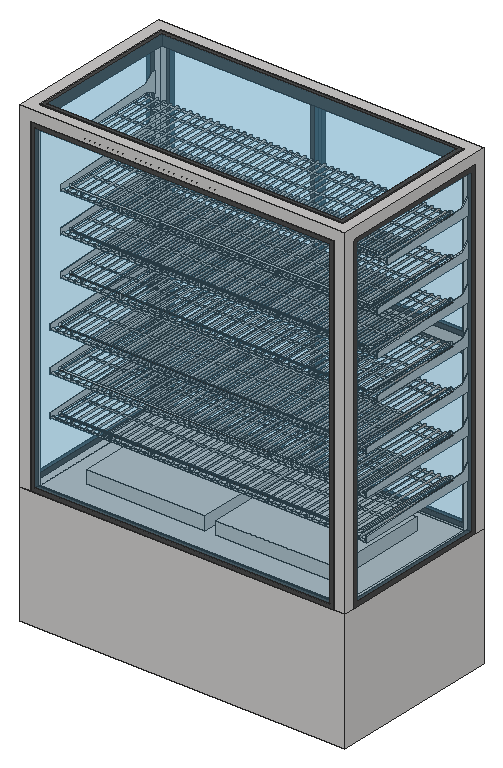
Revit family "QF_FESTIVE_TH12", category Specialty Equipment, Revit 2020
Family settings
  Round Connector Dimension = Use Diameter
  Part Type = Normal
  Work Plane-Based = No
  Always vertical = Yes
  Cut with Voids When Loaded = No
  Shared = No
  Room Calculation Point = No
Parameters (values of type "TH12_220-240/50/1")
  Weight in Kilograms = 225
  Watts = if(Phase = 3, Volts * FL Amps * 1.73, Volts * FL Amps)  # 4136 W
  Volts = 220 V
  URL Cutsheet = ""
  Specification by User = ""
  Specification by Manufacturer = ""
  Shelf Length [instance] = Length - 30 mm  # 1170 mm
  Serial Number = ""
  Seismic Rating = ""
  SMACNA No = ""
  Revision Code = ""
  Phase = 1
  Number of Poles = 1
  NAFEM Spec ID Number = ""
  Model = "TH12"
  Min Ckt Ampacity = 0 A
  Max Overcurrent Protection = 0 A
  Masterspec = ""
  Manufacturer = "FESTIVE"
  Length = 1200 mm
  Item Number = ""
  Installed By = ""
  Identify Quantity as Lot = yes
  Height = 1730 mm
  HP = ""
  Furnished By = ""
  Foodservice Equipment Identifier = yes
  FL Amps = 18.8 A
  Electrical Remarks = ""
  Electric Connection Type = ""
  Elec Conn RI Height = 0 mm
  Elec Conn Connection Height = 0 mm
  Description = "TOWER: HEATED"
  Depth = 640 mm
  Default Elevation = 0 mm
  Cycle = 50 Hz
  Conn Plug = "10A Plug"
  Conn Conduit = yes
  CSI MasterFormat = ""
  Base Cover 2 [instance] = Length = 1200 mm  # yes
  Base Cover 1 [instance] = Length < 901 mm  # no
  Apparent Power = if(Phase = 3, Volts * FL Amps * 1.73, Volts * FL Amps)  # 4136 VA
Reference planes
  plane 1 "BACK": y = 0
  plane 2: z = 0
  plane 3 "LEFT": x = 0
  plane 4 "RIGHT": x = 1200
  plane 5 "FRONT": y = -640
  plane 6 "TOP": z = 1730
  plane 7 "Center Y": x = 600
  plane 8 "Center X": y = -320
  plane 9: z = 470
  plane 10: z = 25.4
  plane 11: x = 40
  plane 12: x = 1160
  plane 13: x = 15
  plane 14: x = 1185
  plane 15: x = 1107.5
  plane 16: x = 92.5
  plane 17: y = 15
Forms (mm)
  Extrusion 1, solid, material "QF_Metal - Stainless - Brushed"
    sketch origin (-6096, 34.743, 25.4) x (0, 1, 0) y (-1, 0, 0)
      loop
        line (-34.743, -6096) -> (-674.743, -6096) -> (-674.743, -7296) -> (-34.743, -7296) -> (-34.743, -7256) -> (-634.743, -7256) -> (-634.743, -6136) -> (-34.743, -6136) -> (-34.743, -6096)
    from 0 to 444.6
  Extrusion 2, solid, material "QF_Plastic - Black - Smooth"
    sketch origin (0, 0, 0) x (0, 1, 0) y (0, 0, 1)
      loop
        line (-40, 1690) -> (-600, 1690) -> (-600, 470) -> (-40, 470) -> (-40, 1690)
      loop
        line (-55, 1675) -> (-585, 1675) -> (-585, 485) -> (-55, 485) -> (-55, 1675)
    from 0 to 15
  Extrusion 3, solid, material "QF_Metal - Stainless - Brushed"
    sketch origin (-6096, 152.961, 470) x (0, 1, 0) y (-1, 0, 0)
      loop
        line (-792.961, -6096) -> (-792.961, -6136) -> (-752.961, -6136) -> (-752.961, -6096) -> (-792.961, -6096)
      loop
        line (-792.961, -7296) -> (-752.961, -7296) -> (-752.961, -7256) -> (-792.961, -7256) -> (-792.961, -7296)
      loop
        line (-152.961, -7296) -> (-152.961, -7256) -> (-192.961, -7256) -> (-192.961, -7296) -> (-152.961, -7296)
      loop
        line (-152.961, -6096) -> (-192.961, -6096) -> (-192.961, -6136) -> (-152.961, -6136) -> (-152.961, -6096)
    from 0 to 1260
  Extrusion 4, solid, material "QF_Metal - Stainless - Brushed"
    sketch origin (-975.299, -4572, 1730) x (-1, 0, 0) y (0, -1, 0)
      loop
        line (-1015.299, -3972) -> (-2135.299, -3972) -> (-2135.299, -4532) -> (-1015.299, -4532) -> (-1015.299, -3972)
      loop
        line (-975.299, -4572) -> (-975.299, -3932) -> (-2175.299, -3932) -> (-2175.299, -4572) -> (-975.299, -4572)
    from 0 to -40
  Extrusion 5, solid, material "Glass"
    sketch origin (0, 0, 0) x (0, 1, 0) y (0, 0, 1)
      loop
        line (-55, 1675) -> (-585, 1675) -> (-585, 485) -> (-55, 485) -> (-55, 1675)
    from 0 to 15
  Extrusion 6, solid, material "QF_Plastic - Black - Smooth"
    sketch origin (1200, 0, 0) x (0, -1, 0) y (0, 0, 1)
      loop
        line (40, 1690) -> (40, 470) -> (600, 470) -> (600, 1690) -> (40, 1690)
      loop
        line (55, 1675) -> (55, 485) -> (585, 485) -> (585, 1675) -> (55, 1675)
    from 0 to 15
  Extrusion 7, solid, material "QF_Plastic - Black - Smooth"
    sketch origin (0, -640, 0) x (1, 0, 0) y (0, 0, 1)
      loop
        line (40, 1690) -> (40, 470) -> (1160, 470) -> (1160, 1690) -> (40, 1690)
      loop
        line (1145, 1675) -> (55, 1675) -> (55, 485) -> (1145, 485) -> (1145, 1675)
    from 0 to -15
  Extrusion 8, solid, material "QF_Plastic - Black - Smooth"
    sketch origin (-975.299, -4572, 1730) x (-1, 0, 0) y (0, -1, 0)
      loop
        line (-1015.299, -4532) -> (-1015.299, -3972) -> (-2135.299, -3972) -> (-2135.299, -4532) -> (-1015.299, -4532)
      loop
        line (-2120.299, -4517) -> (-1030.299, -4517) -> (-1030.299, -3987) -> (-2120.299, -3987) -> (-2120.299, -4517)
    from 0 to -40
  Extrusion 9, solid, material "Glass"
    sketch origin (-975.299, -4572, 1730) x (-1, 0, 0) y (0, -1, 0)
      loop
        line (-2120.299, -4517) -> (-1030.299, -4517) -> (-1030.299, -3987) -> (-2120.299, -3987) -> (-2120.299, -4517)
    from 0 to -40
  Extrusion 10, solid, material "Glass"
    sketch origin (1200, 0, 0) x (0, -1, 0) y (0, 0, 1)
      loop
        line (55, 1675) -> (55, 485) -> (585, 485) -> (585, 1675) -> (55, 1675)
    from 0 to 15
  Extrusion 11, solid, material "Glass"
    sketch origin (0, -640, 0) x (1, 0, 0) y (0, 0, 1)
      loop
        line (1145, 1675) -> (55, 1675) -> (55, 485) -> (1145, 485) -> (1145, 1675)
    from 0 to -15
  Extrusion 12, solid, material "QF_Metal - Stainless - Brushed"
    sketch origin (389.467, 0, -196.242) x (1, 0, 0) y (0, 0, -1)
      loop
        line (750.695, -399.744) -> (750.695, -299.744) -> (660.695, -299.744) -> (660.695, -399.744) -> (750.695, -399.744)
    from 0 to 15
  Extrusion 13, solid, material "QF_Metal - Stainless - Brushed"
    sketch origin (0, 0, 0) x (1, 0, 0) y (0, 0, 1)
      loop
        line (1160, 376.925) -> (40, 376.925) -> (40, 70.07) -> (145, 70.07) -> (145, 31.8) -> (1055, 31.8) -> (1055, 69.875) -> (1160, 69.875) -> (1160, 376.925)
    from 0 to 600
  Extrusion 14, solid
    sketch origin (0, 0, 0) x (-1, 0, 0) y (0, 0, 1)
      loop
        circle (-1045, 36.8) r 5
    from 0 to 3.2
  Extrusion 15, solid, material "QF_Metal - Stainless - Brushed"
    sketch origin (1160, 0, 25.4) x (1, 0, 0) y (0, 0, -1)
      loop
        line (0, -351.525) -> (-1120, -351.525) -> (-1120, -444.6) -> (0, -444.6) -> (0, -351.525)
      loop
        line (0, 0) -> (-1120, 0) -> (-1120, -6.4) -> (0, -6.4) -> (0, 0)
    from 0 to -3.2
  Extrusion 16, solid, material "QF_Plastic - Red - Smooth"
    sketch origin (389.467, 15, -196.242) x (1, 0, 0) y (0, 0, -1)
      loop
        line (732.495, -336.936) -> (732.495, -311.419) -> (723.895, -311.419) -> (723.895, -336.936) -> (732.495, -336.936)
      loop
        line (687.495, -336.936) -> (687.495, -311.419) -> (678.895, -311.419) -> (678.895, -336.936) -> (687.495, -336.936)
    from 0 to 3.2
  Extrusion 17, solid, material "QF_Metal - Stainless - Brushed", visible <- "Base Cover 1"
    sketch origin (-6096, 34.743, 470) x (0, 1, 0) y (-1, 0, 0)
      loop
        line (-165.755, -6996) -> (-165.755, -6238.5) -> (-544.743, -6238.5) -> (-544.743, -6996) -> (-544.743, -7153.5) -> (-165.755, -7153.5) -> (-165.755, -6996)
    from 0 to 48.344
  Extrusion 18, solid, material "QF_Metal - Stainless - Brushed"
    sketch origin (1200, 0, 1730) x (-1, 0, 0) y (0, 0, 1)
      loop
        line (40, -670) -> (1160, -670) -> (1160, -630) -> (40, -630) -> (40, -670)
    from 0 to -30
  Extrusion 19, solid, material "QF_Metal - Stainless - Brushed", visible <- "Base Cover 2"
    sketch origin (-6096, 34.743, 470) x (0, 1, 0) y (-1, 0, 0)
      loop
        line (-544.743, -6238.5) -> (-544.743, -6676) -> (-165.755, -6676) -> (-165.755, -6238.5) -> (-544.743, -6238.5)
      loop
        line (-165.755, -6716) -> (-544.743, -6716) -> (-544.743, -7153.5) -> (-165.755, -7153.5) -> (-165.755, -6716)
    from 0 to 48.344
Cuts and joins
  joined: Extrusion 3, Extrusion 4
Lines and regions (mm)
  Split face 1
    outline origin (410.303, 15, -237.471) x (1, 0, 0) y (0, 0, -1)
      loop
        line (714.859, -381.365) -> (714.859, -349.447) -> (699.859, -349.447) -> (699.859, -381.365) -> (714.859, -381.365)
  Split face 2
    outline origin (580.021, 15, -155.014) x (-1, 0, 0) y (0, 0, 1)
      loop
        line (-485.141, 298.908) -> (-500.141, 298.908) -> (-500.141, 266.99) -> (-485.141, 266.99) -> (-485.141, 298.908)
  Split face 3
    outline origin (389.467, 15, -196.242) x (1, 0, 0) y (0, 0, -1)
      loop
        arc (739.445, -393.619) -> (743.667, -377.428) -> (739.445, -361.238) r 33.153
        line (739.445, -361.238) -> (671.945, -361.238)
        arc (671.945, -361.238) -> (667.723, -377.428) -> (671.945, -393.619) r 33.153
        line (671.945, -393.619) -> (739.445, -393.619)
  Split face 4
    outline origin (389.467, 15, -196.242) x (1, 0, 0) y (0, 0, -1)
      loop
        arc (735.695, -388.563) -> (737.031, -377.507) -> (735.695, -366.451) r 46.41
        line (735.695, -366.451) -> (695.695, -366.451) -> (695.695, -388.563) -> (735.695, -388.563)
  symbolic lines
    curve 1: line (0, 0, 1730) -> (1200, 0, 1730)
    curve 2: line (0, -640, 1730) -> (0, 0, 1730)
    curve 3: line (1200, -640, 1730) -> (0, -640, 1730)
    curve 4: line (1200, 0, 1730) -> (1200, -640, 1730)
    curve 5: line (40, -40, 1730) -> (1160, -40, 1730)
    curve 6: line (40, -600, 1730) -> (40, -40, 1730)
    curve 7: line (1160, -600, 1730) -> (40, -600, 1730)
    curve 8: line (1160, -40, 1730) -> (1160, -600, 1730)
    curve 9: line (55, -55, 1730) -> (1145, -55, 1730)
    curve 10: line (55, -585, 1730) -> (55, -55, 1730)
    curve 11: line (1145, -585, 1730) -> (55, -585, 1730)
    curve 12: line (1145, -55, 1730) -> (1145, -585, 1730)
    curve 13: line (1050.162, 15, 1240) -> (1050.162, 0, 1240)
    curve 14: line (1140.162, 15, 1240) -> (1050.162, 15, 1240)
    curve 15: line (1140.162, 0, 1240) -> (1140.162, 15, 1240)
Dimensions and locks
  equal spacing: plane 3 "LEFT", plane 7 "Center Y", plane 4 "RIGHT"
  "Length": plane 3 "LEFT" to plane 4 "RIGHT"
  equal spacing: plane 5 "FRONT", plane 8 "Center X", plane 1 "BACK"
  "Depth": plane 5 "FRONT" to plane 1 "BACK"
  "Height": plane 6 "TOP" to level
  plane 6 "TOP" to plane 9 to level = 1260 mm, 470 mm
  plane 1 "BACK" to plane 5 "FRONT" = 640 mm
  locked: plane 11 to plane 3 "LEFT" at 40
  locked: plane 12 to plane 4 "RIGHT" at 40
  locked: plane 3 "LEFT" to plane 13 at 15
  locked: plane 4 "RIGHT" to plane 14 at 15
  locked: plane 5 "FRONT" to nested 7 at 45
  locked: plane 5 "FRONT" to nested 6 at 45
  locked: plane 15 to plane 4 "RIGHT" at 92.5
  locked: plane 16 to plane 3 "LEFT" at 92.5
  plane 1 "BACK" to plane 17 = 15 mm
  locked: plane 7 "Center Y" to nested 13 at 15
  locked: plane 7 "Center Y" to nested 14 at 15
  Extrusion 19 sketch curve to plane 7 "Center Y" to Extrusion 19 sketch curve = 20 mm locked, 20 mm locked
  aligned and locked: level to plane 2
  aligned and locked: plane 9 to Extrusion 1
  aligned and locked: plane 6 "TOP" to Extrusion 3
  aligned and locked: nested 1 to plane 13
  aligned and locked: plane 16 to nested 5
  aligned and locked: plane 16 to nested 6
  aligned and locked: nested 8 to plane 15
  aligned and locked: nested 7 to plane 15
  aligned and locked: Extrusion 1 to Extrusion 15 sketch curve  (x2)
  aligned and locked: Extrusion 15 sketch curve to Extrusion 1  (x2)
  aligned and locked: nested 13 to plane 11
  aligned and locked: plane 12 to nested 14
Automatic sketch dimensions
  Extrusion 1 sketch curve to plane 3 "LEFT" = 0 mm
  plane 5 "FRONT" to Extrusion 1 sketch curve = 0 mm
  Extrusion 1 sketch curve to plane 12 = 0 mm
  Extrusion 1 sketch curve to plane 11 = 0 mm
  plane 1 "BACK" to Extrusion 1 sketch curve = 0 mm  (x2)
  Extrusion 1 sketch curve to plane 4 "RIGHT" = 0 mm
  Extrusion 1 sketch curve to plane 5 "FRONT" = 40 mm
  Extrusion 2 sketch curve to plane 9 = 0 mm
  Extrusion 2 sketch curve to plane 5 "FRONT" = 40 mm
  Extrusion 2 sketch curve to Extrusion 2 sketch curve = 15 mm  (x3)
  plane 9 to Extrusion 2 sketch curve = 15 mm
  plane 1 "BACK" to Extrusion 2 sketch curve = 55 mm
  Extrusion 2 sketch curve to plane 6 "TOP" = 55 mm
  Extrusion 3 sketch curve to plane 3 "LEFT" = 0 mm  (x2)
  plane 5 "FRONT" to Extrusion 3 sketch curve = 0 mm  (x2)
  Extrusion 3 sketch curve to plane 4 "RIGHT" = 0 mm  (x2)
  Extrusion 3 sketch curve to plane 11 = 0 mm  (x2)
  Extrusion 3 sketch curve to plane 12 = 0 mm  (x2)
  plane 1 "BACK" to Extrusion 3 sketch curve = 0 mm  (x2)
  Extrusion 3 sketch curve to plane 5 "FRONT" = 40 mm  (x2)
  Extrusion 3 sketch curve to Extrusion 3 sketch curve = 40 mm  (x2)
  plane 1 "BACK" to Extrusion 4 sketch curve = 0 mm
  Extrusion 4 sketch curve to plane 4 "RIGHT" = 0 mm
  Extrusion 4 sketch curve to plane 12 = 0 mm
  Extrusion 4 sketch curve to plane 11 = 0 mm
  Extrusion 4 sketch curve to plane 3 "LEFT" = 0 mm
  plane 5 "FRONT" to Extrusion 4 sketch curve = 0 mm
  plane 1 "BACK" to Extrusion 4 sketch curve = 40 mm
  Extrusion 4 sketch curve to plane 5 "FRONT" = 40 mm
  Extrusion 5 sketch curve to plane 5 "FRONT" = 55 mm
  plane 9 to Extrusion 5 sketch curve = 15 mm
  plane 1 "BACK" to Extrusion 5 sketch curve = 55 mm
  Extrusion 5 sketch curve to plane 6 "TOP" = 55 mm
  Extrusion 6 sketch curve to plane 9 = 0 mm
  plane 1 "BACK" to Extrusion 6 sketch curve = 40 mm
  Extrusion 6 sketch curve to Extrusion 6 sketch curve = 15 mm  (x3)
  plane 9 to Extrusion 6 sketch curve = 15 mm
  Extrusion 6 sketch curve to plane 5 "FRONT" = 55 mm
  Extrusion 6 sketch curve to plane 6 "TOP" = 55 mm
  Extrusion 7 sketch curve to plane 9 = 0 mm
  Extrusion 7 sketch curve to plane 11 = 0 mm
  plane 12 to Extrusion 7 sketch curve = 0 mm
  plane 11 to Extrusion 7 sketch curve = 15 mm
  plane 12 to Extrusion 7 sketch curve = 15 mm
  plane 9 to Extrusion 7 sketch curve = 15 mm
  Extrusion 7 sketch curve to plane 6 "TOP" = 55 mm
  Extrusion 7 sketch curve to Extrusion 7 sketch curve = 15 mm
  Extrusion 8 sketch curve to plane 12 = 0 mm
  Extrusion 8 sketch curve to plane 11 = 0 mm
  plane 12 to Extrusion 8 sketch curve = 15 mm
  plane 11 to Extrusion 8 sketch curve = 15 mm
  plane 1 "BACK" to Extrusion 8 sketch curve = 40 mm
  Extrusion 8 sketch curve to Extrusion 8 sketch curve = 15 mm  (x2)
  Extrusion 8 sketch curve to plane 5 "FRONT" = 55 mm
  plane 12 to Extrusion 9 sketch curve = 15 mm
  plane 11 to Extrusion 9 sketch curve = 15 mm
  plane 1 "BACK" to Extrusion 9 sketch curve = 55 mm
  Extrusion 9 sketch curve to plane 5 "FRONT" = 55 mm
  plane 1 "BACK" to Extrusion 10 sketch curve = 55 mm
  plane 9 to Extrusion 10 sketch curve = 15 mm
  Extrusion 10 sketch curve to plane 5 "FRONT" = 55 mm
  Extrusion 10 sketch curve to plane 6 "TOP" = 55 mm
  plane 1 "BACK" to curve 1 = 0 mm
  curve 1 to plane 4 "RIGHT" = 0 mm
  curve 8 to plane 12 = 0 mm
  curve 5 to plane 11 = 0 mm
  curve 3 to plane 3 "LEFT" = 0 mm
  plane 5 "FRONT" to curve 3 = 0 mm
  plane 12 to curve 12 = 15 mm
  plane 11 to curve 10 = 15 mm
  plane 1 "BACK" to curve 5 = 40 mm
  curve 5 to curve 9 = 15 mm
  curve 12 to plane 5 "FRONT" = 55 mm
  curve 10 to curve 7 = 15 mm
  plane 11 to Extrusion 11 sketch curve = 15 mm
  plane 12 to Extrusion 11 sketch curve = 15 mm
  plane 9 to Extrusion 11 sketch curve = 15 mm
  Extrusion 11 sketch curve to plane 6 "TOP" = 55 mm
  plane 15 to Extrusion 12 sketch curve = 57.338 mm
  plane 12 to Extrusion 12 sketch curve = 19.838 mm
  plane 10 to Extrusion 12 sketch curve = 178.101 mm
  plane 10 to Extrusion 12 sketch curve = 78.101 mm
  Split face 1 sketch curve to Extrusion 12 = 30 mm
  Split face 1 sketch curve to Extrusion 12 = 15 mm
  Split face 1 sketch curve to Extrusion 12 = 40.393 mm
  Split face 1 sketch curve to Extrusion 12 = 8.475 mm
  Extrusion 13 sketch curve to plane 11 = 0 mm
  plane 12 to Extrusion 13 sketch curve = 0 mm
  plane 10 to Extrusion 13 sketch curve = 6.4 mm
  plane 16 to Extrusion 13 sketch curve = 52.5 mm
  plane 15 to Extrusion 13 sketch curve = 52.5 mm
  plane 10 to Extrusion 13 sketch curve = 44.475 mm
  Extrusion 13 sketch curve to Extrusion 13 sketch curve = 38.27 mm
  Extrusion 13 sketch curve to plane 9 = 93.075 mm
  Extrusion 14 sketch curve to Extrusion 13 = 10 mm
  Extrusion 14 sketch curve to Extrusion 13 = 5 mm
  Extrusion 15 sketch curve to Extrusion 1 = 0 mm  (x2)
  Extrusion 1 to Extrusion 15 sketch curve = 93.075 mm
  Extrusion 15 sketch curve to Extrusion 15 sketch curve = 6.4 mm
  Split face 2 sketch curve to Extrusion 12 = 30 mm
  Split face 2 sketch curve to Extrusion 12 = 15 mm
  Split face 2 sketch curve to Extrusion 12 = 8.475 mm
  Split face 2 sketch curve to Split face 2 sketch curve = 31.918 mm
  Split face 3 sketch curve to Extrusion 12 = 11.25 mm  (x4)
  Split face 3 sketch curve to Split face 3 sketch curve = 28.931 mm
  Split face 3 sketch curve to Split face 3 sketch curve = 9.638 mm
  Split face 3 sketch curve to Extrusion 12 = 6.125 mm
  Split face 3 sketch curve to Extrusion 12 = 22.316 mm
  Extrusion 16 sketch curve to Extrusion 12 = 18.2 mm
  Extrusion 16 sketch curve to Extrusion 16 sketch curve = 8.6 mm  (x2)
  Extrusion 16 sketch curve to Extrusion 12 = 26.8 mm
  Extrusion 16 sketch curve to Extrusion 12 = 37.193 mm  (x2)
  Extrusion 16 sketch curve to Extrusion 12 = 11.675 mm  (x2)
  Split face 4 sketch curve to Extrusion 12 = 29.926 mm
  Split face 4 sketch curve to Split face 4 sketch curve = 5.074 mm
  Split face 4 sketch curve to Extrusion 12 = 15 mm  (x2)
  Split face 4 sketch curve to Extrusion 12 = 11.181 mm
  Split face 4 sketch curve to Split face 4 sketch curve = 11.056 mm
  Extrusion 1 to Extrusion 17 sketch curve = 90 mm
  Extrusion 17 sketch curve to Extrusion 1 = 131.012 mm
  Extrusion 1 to Extrusion 17 sketch curve = 102.5 mm  (x2)
  Extrusion 17 sketch curve to Extrusion 17 sketch curve = 157.5 mm  (x2)
  plane 1 "BACK" to curve 15 = 0 mm
  curve 14 to plane 17 = 0 mm
  plane 1 "BACK" to curve 13 = 0 mm
  plane 12 to curve 14 = 19.838 mm
  plane 15 to curve 14 = 57.338 mm
  Extrusion 4 to Extrusion 18 sketch curve = 40 mm
  Extrusion 18 sketch curve to Extrusion 4 = 40 mm
  Extrusion 18 sketch curve to Extrusion 4 = 630 mm
  Extrusion 18 sketch curve to Extrusion 18 sketch curve = 40 mm
  Extrusion 1 to Extrusion 19 sketch curve = 90 mm
  Extrusion 1 to Extrusion 19 sketch curve = 102.5 mm  (x2)
  Extrusion 19 sketch curve to Extrusion 19 sketch curve = 0 mm  (x2)
  Extrusion 19 sketch curve to Extrusion 1 = 131.012 mm
  radius of Extrusion 14 sketch curve = 5 mm
Nested families
  nested 1: "PARAMETRIC SHELF" at (15, -40, 1380), Length <- "Shelf Length", type "PARAMETRIC SHELF"
    with Rail Depth 382 mm, Rail 2 8, No. of Rail 46, Length 1170 mm, Depth 432 mm
  nested 2: "PARAMETRIC SHELF" at (15, -40, 1235.776), Length <- "Shelf Length", type "PARAMETRIC SHELF"
    with Rail Depth 382 mm, Rail 2 8, No. of Rail 46, Length 1170 mm, Depth 432 mm
  nested 3: "PARAMETRIC SHELF" at (15, -40, 795.822), Length <- "Shelf Length", type "PARAMETRIC SHELF"
    with Rail Depth 430 mm, Rail 2 8, No. of Rail 46, Length 1170 mm, Depth 480 mm
  nested 4: "PARAMETRIC SHELF" at (15, -40, 940.822), Length <- "Shelf Length", type "PARAMETRIC SHELF"
    with Rail Depth 430 mm, Rail 2 8, No. of Rail 46, Length 1170 mm, Depth 480 mm
  nested 5: "3 INCHES 01_CASTER" at (92.5, -65, 0), type "3 INCHES 01_CASTER"
    with Type Mark "", Specification by User "", Revision Code "", Item Number "", Installed By "", Identify Quantity as Lot yes, Furnished By "", Foodservice Equipment Identifier yes, 3 Inches Caster yes
  nested 6: "3 INCHES 01_CASTER" at (92.5, -595, 0), type "3 INCHES 01_CASTER"
    with Type Mark "", Specification by User "", Revision Code "", Item Number "", Installed By "", Identify Quantity as Lot yes, Furnished By "", Foodservice Equipment Identifier yes, 3 Inches Caster yes
  nested 7: "3 INCHES 01_CASTER" at (1107.5, -595, 0), type "3 INCHES 01_CASTER"
    with Type Mark "", Specification by User "", Revision Code "", Item Number "", Installed By "", Identify Quantity as Lot yes, Furnished By "", Foodservice Equipment Identifier yes, 3 Inches Caster yes
  nested 8: "3 INCHES 01_CASTER" at (1107.5, -65, 0), type "3 INCHES 01_CASTER"
    with Type Mark "", Specification by User "", Revision Code "", Item Number "", Installed By "", Identify Quantity as Lot yes, Furnished By "", Foodservice Equipment Identifier yes, 3 Inches Caster yes
  nested 9: "PARAMETRIC PAN" at (15, -40, 466.8), Length <- "Shelf Length", type "PARAMETRIC PAN"
    with Rail Depth 510 mm, Rail 2 8, No. of Rail 46, Length 1170 mm, Depth 560 mm
  nested 10: "PARAMETRIC SHELF" at (15, -40, 1090.822), Length <- "Shelf Length", type "PARAMETRIC SHELF"
    with Rail Depth 382 mm, Rail 2 8, No. of Rail 46, Length 1170 mm, Depth 432 mm
  nested 11: "PARAMETRIC SHELF" at (15, -40, 647.883), Length <- "Shelf Length", type "PARAMETRIC SHELF"
    with Rail Depth 430 mm, Rail 2 8, No. of Rail 46, Length 1170 mm, Depth 480 mm
  nested 12: "PARAMETRIC SHELF" at (15, -40, 1525.095), Length <- "Shelf Length", type "PARAMETRIC SHELF"
    with Rail Depth 335 mm, Rail 2 8, No. of Rail 46, Length 1170 mm, Depth 385 mm
  nested 13: "PARAMETRIC WINDOW" at (40, 0, 15), type "PARAMETRIC WINDOW"
    with Window Assembly yes, Length 575 mm
  nested 14: "PARAMETRIC WINDOW" at (585, -15, 15), type "PARAMETRIC WINDOW"
    with Window Assembly yes, Length 575 mm
Connectors
  electrical at (1045, 3.2, 36.8), driven by "Volts", driven by "Watts"
    settings: on Extrusion 14, index 2, voltage 220 V, apparent load 4136 VA, apparent load phase1 0 VA, apparent load phase2 0 VA, apparent load phase3 0 VA, power factor 1, load classification "Other", number of poles 1, system type 30, power factor state 1, is connector primary yes, connector utility no, sub classification motor no, connector description "ELECTRICAL CONNECTION"
Definition of nested family "PARAMETRIC SHELF"
  Parameters (values of type "PARAMETRIC SHELF")
    Weight in Pounds = 0
    URL Cutsheet = ""
    Specification by User = ""
    Specification by Manufacturer = ""
    Serial Number = ""
    Seismic Rating = ""
    SMACNA No = ""
    Revision Code = ""
    Rail Depth [instance] = Depth - 50 mm  # 367 mm
    Rail 2 [instance] = Length / 150 mm  # 4
    No. of Rail [instance] = Length / 25.4 mm  # 24
    NAFEM Spec ID Number = ""
    Masterspec = ""
    Length [instance] = 600 mm
    Item Number = ""
    Installed By = ""
    Identify Quantity as Lot = yes
    Height = 220 mm
    Furnished By = ""
    Foodservice Equipment Identifier = yes
    Depth [instance] = 417 mm
    Default Elevation = 0 mm
    CSI MasterFormat = ""
  Reference planes
    plane 1 "BACK": y = 0
    plane 2: z = 0
    plane 3 "LEFT": x = 0
    plane 4 "RIGHT": x = 600
    plane 5 "FRONT": y = -417
    plane 6 "TOP": z = 220
    plane 7 "Center Y": x = 300
    plane 8 "Center X": y = -208.5
    plane 9: x = 28.6
    plane 10: x = 571.4
    plane 11: x = 3.2
    plane 12: x = 596.8
  Forms (mm)
    Extrusion 1, solid
      sketch origin (0, -4517, 280.761) x (0, 0, 1) y (0, -1, 0)
        loop
          line (-244.023, -4477) -> (-261.193, -4100) -> (-280.761, -4100) -> (-280.761, -4502.438) -> (-295.323, -4517) -> (-217.773, -4517) -> (-217.773, -4508.448) -> (-244.023, -4477)
      from 0 to 3.2
    Extrusion 2, solid
      sketch origin (600, 0, 0) x (0, -1, 0) y (0, 0, 1)
        loop
          line (40, 36.738) -> (8.552, 62.988) -> (0, 62.988) -> (0, -14.562) -> (14.562, 0) -> (417, 0) -> (417, 19.568) -> (40, 36.738)
      from 0 to 3.2
    Extrusion 3, solid
      sketch origin (3.2, -4572, 62.788) x (0, 0, 1) y (0, -1, 0)
        loop
          circle (-59.788, -4158) r 3
        loop
          circle (-59.788, -4268) r 3
        loop
          circle (-59.788, -4368) r 3
        loop
          circle (-59.788, -4471.515) r 3
        loop
          circle (-59.788, -4519.015) r 3
      from 0 to 593.6
    Extrusion 4, solid
      sketch origin (20.4, -417, 21.873) x (0, 0, 1) y (1, 0, 0)
        loop
          circle (-13.368, 8.2) r 2.5
      from 0 to 367 <- "Rail Depth"
    Extrusion 5, solid
      sketch origin (563.2, -417, 21.873) x (0, 0, 1) y (1, 0, 0)
        loop
          circle (-13.368, 8.2) r 2.5
      from 0 to 367 <- "Rail Depth"
    Extrusion 6, solid
      sketch origin (44, -417, 21.873) x (0, 0, 1) y (1, 0, 0)
        loop
          circle (-13.368, 8.2) r 2.5
      from 0 to 367 <- "Rail Depth"
    Extrusion 7, solid
      sketch origin (67.6, -417, 21.873) x (0, 0, 1) y (1, 0, 0)
        loop
          circle (-13.368, 8.2) r 2.5
      from 0 to 367 <- "Rail Depth"
    Extrusion 8, solid
      sketch origin (91.2, -417, 21.873) x (0, 0, 1) y (1, 0, 0)
        loop
          circle (-13.368, 8.2) r 2.5
      from 0 to 367 <- "Rail Depth"
    Extrusion 9, solid
      sketch origin (114.8, -417, 21.873) x (0, 0, 1) y (1, 0, 0)
        loop
          circle (-13.368, 8.2) r 2.5
      from 0 to 367 <- "Rail Depth"
    Extrusion 10, solid
      sketch origin (138.4, -417, 21.873) x (0, 0, 1) y (1, 0, 0)
        loop
          circle (-13.368, 8.2) r 2.5
      from 0 to 367 <- "Rail Depth"
    Extrusion 11, solid
      sketch origin (162, -417, 21.873) x (0, 0, 1) y (1, 0, 0)
        loop
          circle (-13.368, 8.2) r 2.5
      from 0 to 367 <- "Rail Depth"
    Extrusion 12, solid
      sketch origin (185.6, -417, 21.873) x (0, 0, 1) y (1, 0, 0)
        loop
          circle (-13.368, 8.2) r 2.5
      from 0 to 367 <- "Rail Depth"
    Extrusion 13, solid
      sketch origin (209.2, -417, 21.873) x (0, 0, 1) y (1, 0, 0)
        loop
          circle (-13.368, 8.2) r 2.5
      from 0 to 367 <- "Rail Depth"
    Extrusion 14, solid
      sketch origin (232.8, -417, 21.873) x (0, 0, 1) y (1, 0, 0)
        loop
          circle (-13.368, 8.2) r 2.5
      from 0 to 367 <- "Rail Depth"
    Extrusion 15, solid
      sketch origin (256.4, -417, 21.873) x (0, 0, 1) y (1, 0, 0)
        loop
          circle (-13.368, 8.2) r 2.5
      from 0 to 367 <- "Rail Depth"
    Extrusion 16, solid
      sketch origin (280, -417, 21.873) x (0, 0, 1) y (1, 0, 0)
        loop
          circle (-13.368, 8.2) r 2.5
      from 0 to 367 <- "Rail Depth"
    Extrusion 17, solid
      sketch origin (303.6, -417, 21.873) x (0, 0, 1) y (1, 0, 0)
        loop
          circle (-13.368, 8.2) r 2.5
      from 0 to 367 <- "Rail Depth"
    Extrusion 18, solid
      sketch origin (327.2, -417, 21.873) x (0, 0, 1) y (1, 0, 0)
        loop
          circle (-13.368, 8.2) r 2.5
      from 0 to 367 <- "Rail Depth"
    Extrusion 19, solid
      sketch origin (350.8, -417, 21.873) x (0, 0, 1) y (1, 0, 0)
        loop
          circle (-13.368, 8.2) r 2.5
      from 0 to 367 <- "Rail Depth"
    Extrusion 20, solid
      sketch origin (374.4, -417, 21.873) x (0, 0, 1) y (1, 0, 0)
        loop
          circle (-13.368, 8.2) r 2.5
      from 0 to 367 <- "Rail Depth"
    Extrusion 21, solid
      sketch origin (398, -417, 21.873) x (0, 0, 1) y (1, 0, 0)
        loop
          circle (-13.368, 8.2) r 2.5
      from 0 to 367 <- "Rail Depth"
    Extrusion 22, solid
      sketch origin (421.6, -417, 21.873) x (0, 0, 1) y (1, 0, 0)
        loop
          circle (-13.368, 8.2) r 2.5
      from 0 to 367 <- "Rail Depth"
    Extrusion 23, solid
      sketch origin (445.2, -417, 21.873) x (0, 0, 1) y (1, 0, 0)
        loop
          circle (-13.368, 8.2) r 2.5
      from 0 to 367 <- "Rail Depth"
    Extrusion 24, solid
      sketch origin (468.8, -417, 21.873) x (0, 0, 1) y (1, 0, 0)
        loop
          circle (-13.368, 8.2) r 2.5
      from 0 to 367 <- "Rail Depth"
    Extrusion 25, solid
      sketch origin (492.4, -417, 21.873) x (0, 0, 1) y (1, 0, 0)
        loop
          circle (-13.368, 8.2) r 2.5
      from 0 to 367 <- "Rail Depth"
    Extrusion 26, solid
      sketch origin (516, -417, 21.873) x (0, 0, 1) y (1, 0, 0)
        loop
          circle (-13.368, 8.2) r 2.5
      from 0 to 367 <- "Rail Depth"
    Extrusion 27, solid
      sketch origin (539.6, -417, 21.873) x (0, 0, 1) y (1, 0, 0)
        loop
          circle (-13.368, 8.2) r 2.5
      from 0 to 367 <- "Rail Depth"
    Sweep 28, solid
      path origin (0, 0, 0) x (1, 0, 0) y (0, 1, 0)
        loop
          line (571.4, -70) -> (571.4, -404)
          arc (571.4, -404) -> (568.471, -411.071) -> (561.4, -414) r 10
          line (561.4, -414) -> (38.6, -414)
          arc (38.6, -414) -> (31.529, -411.071) -> (28.6, -404) r 10
          line (28.6, -404) -> (28.6, -70)
      profile origin (571.4, -237, 0) x (1, 0, 0) y (0, 0, 1)
        loop
          circle (0, 23.505) r 2.5
    Sweep 29, solid
      path origin (28.6, -4572, 11.2) x (0, 0, 1) y (0, -1, 0)
        loop
          line (12.305, -4502) -> (12.305, -4509.015)
          arc (12.305, -4509.015) -> (9.376, -4516.086) -> (2.305, -4519.015) r 10
          line (2.305, -4519.015) -> (-0.376, -4519.015)
      profile origin (28.6, -66.493, 23.505) x (0, 0, 1) y (1, 0, 0)
        loop
          circle (0, 0) r 2.5
    Sweep 30, solid
      path origin (571.4, -4572, 11.2) x (0, 0, 1) y (0, -1, 0)
        loop
          line (12.305, -4502) -> (12.305, -4509.015)
          arc (12.305, -4509.015) -> (9.376, -4516.086) -> (2.305, -4519.015) r 10
          line (2.305, -4519.015) -> (-0.376, -4519.015)
      profile origin (571.4, -66.493, 23.505) x (0, 0, -1) y (-1, 0, 0)
        loop
          circle (0, 0) r 2.5
    Extrusion 31, solid
      sketch origin (0, 0, 0) x (1, 0, 0) y (0, 1, 0)
        loop
          circle (75.8, -414.118) r 2
      from 5.989 to 23.272
    Extrusion 32, solid
      sketch origin (448.4, 0, 0) x (1, 0, 0) y (0, 1, 0)
        loop
          circle (75.8, -414.118) r 2
      from 5.989 to 23.272
    Extrusion 33, solid
      sketch origin (149.467, 0, 0) x (1, 0, 0) y (0, 1, 0)
        loop
          circle (75.8, -414.118) r 2
      from 5.989 to 23.272
    Extrusion 34, solid
      sketch origin (298.933, 0, 0) x (1, 0, 0) y (0, 1, 0)
        loop
          circle (75.8, -414.118) r 2
      from 5.989 to 23.272
  Cuts and joins
    joined: Sweep 28, Sweep 29, Sweep 30
  Lines and regions (mm)
    symbolic lines
      curve 1: line (0, 0, 0) -> (600, 0, 0)
      curve 2: line (0, -417, 0) -> (0, 0, 0)
      curve 3: line (600, -417, 0) -> (0, -417, 0)
      curve 4: line (600, 0, 0) -> (600, -417, 0)
  Dimensions and locks
    equal spacing: plane 3 "LEFT", plane 7 "Center Y", plane 4 "RIGHT"
    "Length": plane 3 "LEFT" to plane 4 "RIGHT"
    equal spacing: plane 5 "FRONT", plane 8 "Center X", plane 1 "BACK"
    "Depth": plane 5 "FRONT" to plane 1 "BACK"
    "Height": plane 6 "TOP" to level
    locked: plane 9 to plane 3 "LEFT" at 28.6
    locked: plane 10 to plane 4 "RIGHT" at 28.6
    locked: plane 12 to plane 4 "RIGHT" at 3.2
    locked: plane 11 to plane 3 "LEFT" at 3.2
    equal spacing: group 1, group 3, group 4, group 5, group 6, group 7, group 8, group 9, group 10, group 11, group 12, group 13, group 14, group 15, group 16, group 17, group 18, group 19, group 20, group 21, group 22, group 23, group 24, group 2  (x3)
    plane 1 "BACK" to Extrusion 3 sketch curve to Extrusion 3 sketch curve = 52.985 mm locked, 47.5 mm locked
    locked: Sweep 28 sketch curve to plane 1 "BACK" at 70  (x2)
    equal spacing: group 25, group 27, group 28, group 26  (x3)
    locked: Extrusion 31 to plane 3 "LEFT" at 73.8
    locked: Extrusion 32 to plane 4 "RIGHT" at 73.8
    locked: Extrusion 31 to plane 5 "FRONT" at 2.882
    locked: Extrusion 32 to plane 5 "FRONT" at 2.882
    aligned and locked: level to plane 2
    aligned and locked: Extrusion 3 to plane 12
    aligned and locked: plane 5 "FRONT" to Extrusion 4
    aligned and locked: plane 5 "FRONT" to Extrusion 5
    aligned and locked: plane 10 to Extrusion 5
  Automatic sketch dimensions
    Extrusion 1 sketch curve to plane 1 "BACK" = 0 mm
    Extrusion 1 sketch curve to level = 0 mm
    Extrusion 1 sketch curve to plane 5 "FRONT" = 0 mm
    Extrusion 1 sketch curve to level = 14.562 mm
    level to Extrusion 1 sketch curve = 19.568 mm
    level to Extrusion 1 sketch curve = 36.738 mm
    plane 1 "BACK" to Extrusion 1 sketch curve = 8.552 mm
    Extrusion 1 sketch curve to Extrusion 1 sketch curve = 26.25 mm
    plane 1 "BACK" to Extrusion 1 sketch curve = 14.562 mm
    plane 1 "BACK" to Extrusion 1 sketch curve = 40 mm
    Extrusion 2 sketch curve to plane 1 "BACK" = 0 mm
    Extrusion 2 sketch curve to level = 0 mm
    Extrusion 2 sketch curve to plane 5 "FRONT" = 0 mm
    plane 1 "BACK" to Extrusion 2 sketch curve = 8.552 mm
    plane 1 "BACK" to Extrusion 2 sketch curve = 14.562 mm
    plane 1 "BACK" to Extrusion 2 sketch curve = 40 mm
    Extrusion 2 sketch curve to level = 14.562 mm
    level to Extrusion 2 sketch curve = 19.568 mm
    level to Extrusion 2 sketch curve = 36.738 mm
    Extrusion 2 sketch curve to Extrusion 2 sketch curve = 26.25 mm
    level to Extrusion 3 sketch curve = 3 mm  (x5)
    plane 8 "Center X" to Extrusion 3 sketch curve = 4.5 mm
    Extrusion 3 sketch curve to plane 8 "Center X" = 95.5 mm
    Extrusion 3 sketch curve to plane 5 "FRONT" = 3 mm
    Sweep 28 sketch curve to plane 9 = 0 mm
    Sweep 28 sketch curve to plane 10 = 0 mm
    Sweep 28 sketch curve to plane 5 "FRONT" = 3 mm
    plane 9 to Sweep 28 sketch curve = 10 mm
    Sweep 28 sketch curve to Sweep 28 sketch curve = 10 mm
    profile plane to Sweep 28 sketch curve = 0 mm
    level to Sweep 28 sketch curve = 23.505 mm
    level to Sweep 29 sketch curve = 13.505 mm
    Sweep 29 sketch curve to Sweep 29 sketch curve = 10 mm
    plane 1 "BACK" to Sweep 29 sketch curve = 52.985 mm
    Sweep 29 sketch curve to Sweep 29 sketch curve = 2.68 mm
    Sweep 29 sketch curve to Sweep 29 sketch curve = 7.015 mm
    Sweep 29 sketch curve to plane 9 = 0 mm
    Sweep 29 sketch curve to profile plane = 0 mm
    Sweep 30 sketch curve to profile plane = 0 mm
    profile plane to Sweep 30 sketch curve = 0 mm
    Sweep 30 sketch curve to level = 13.505 mm
    Sweep 30 sketch curve to Sweep 30 sketch curve = 10 mm
    Sweep 30 sketch curve to plane 1 "BACK" = 52.985 mm
    Sweep 30 sketch curve to Sweep 30 sketch curve = 2.68 mm
    Sweep 30 sketch curve to Sweep 30 sketch curve = 7.015 mm
    curve 3 to plane 3 "LEFT" = 0 mm
    curve 3 to plane 4 "RIGHT" = 0 mm
    plane 5 "FRONT" to curve 3 = 0 mm
    plane 1 "BACK" to curve 2 = 0 mm
    radius of Extrusion 4 sketch curve = 2.5 mm
    radius of Extrusion 5 sketch curve = 2.5 mm
    radius of Extrusion 6 sketch curve = 2.5 mm
    radius of Extrusion 7 sketch curve = 2.5 mm
    radius of Extrusion 8 sketch curve = 2.5 mm
    radius of Extrusion 9 sketch curve = 2.5 mm
    radius of Extrusion 10 sketch curve = 2.5 mm
    radius of Extrusion 11 sketch curve = 2.5 mm
    radius of Extrusion 12 sketch curve = 2.5 mm
    radius of Extrusion 13 sketch curve = 2.5 mm
    radius of Extrusion 14 sketch curve = 2.5 mm
    radius of Extrusion 15 sketch curve = 2.5 mm
    radius of Extrusion 16 sketch curve = 2.5 mm
    radius of Extrusion 17 sketch curve = 2.5 mm
    radius of Extrusion 18 sketch curve = 2.5 mm
    radius of Extrusion 19 sketch curve = 2.5 mm
    radius of Extrusion 20 sketch curve = 2.5 mm
    radius of Extrusion 21 sketch curve = 2.5 mm
    radius of Extrusion 22 sketch curve = 2.5 mm
    radius of Extrusion 23 sketch curve = 2.5 mm
    radius of Extrusion 24 sketch curve = 2.5 mm
    radius of Extrusion 25 sketch curve = 2.5 mm
    radius of Extrusion 26 sketch curve = 2.5 mm
    radius of Extrusion 27 sketch curve = 2.5 mm
    radius of Extrusion 3 sketch curve = 3 mm  (x5)
    radius of Sweep 28 sketch curve = 2.5 mm
    radius of Sweep 29 sketch curve = 2.5 mm
    radius of Sweep 30 sketch curve = 2.5 mm
    radius of Extrusion 31 sketch curve = 2 mm
    radius of Extrusion 32 sketch curve = 2 mm
    radius of Extrusion 33 sketch curve = 2 mm
    radius of Extrusion 34 sketch curve = 2 mm
Definition of nested family "3 INCHES 01_CASTER"
  Parameters (values of type "3 INCHES 01_CASTER")
    Weight = ""
    URL Manufacturer = ""
    URL Cutsheet = ""
    URL = ""
    Type Mark [instance] = ""
    Specification by User [instance] = ""
    Specification by Manufacturer = ""
    Serial Number = ""
    Seismic Rating = ""
    SMACNA No = ""
    Revision Code [instance] = ""
    Omniclass Number and Title = ""
    NAFEM Spec ID Number = ""
    Model = ""
    MasterSpec. = ""
    Manufacturer = ""
    Item Number [instance] = ""
    Installed By [instance] = ""
    Identify Quantity as Lot [instance] = yes
    Furnished By [instance] = ""
    Foodservice Equipment Identifier [instance] = yes
    Description = ""
    Default Elevation = 0 mm
    CSI MasterFormat = ""
    CSI Master Format = ""
    Assembly Code = ""
    3 Inches Caster [instance] = yes
  Reference planes
    plane 1: z = 0
    plane 2 "RIGHT": x = 0
    plane 3 "FRONT": y = 0
    plane 4 "TOP": z = 79.375
  Forms (mm)
    Revolve 1, solid, visible <- "3 Inches Caster"
      sketch origin (-49.224, 14.225, -25.504) x (1, 0, 0) y (0, 0, 1)
        loop
          line (18.81, 53.682) -> (18.81, 51.765) -> (20.08, 50.495) -> (21.604, 50.495) -> (21.604, 47.445) -> (31.369, 47.445) -> (31.369, 43.353) -> (34.656, 41.455) -> (35.568, 35.823) -> (34.131, 35.823) -> (34.131, 32.648) -> (34.925, 32.648) -> (34.925, 25.504) -> (63.103, 25.504) -> (63.103, 32.648) -> (63.897, 32.648) -> (63.897, 35.823) -> (62.461, 35.823) -> (63.387, 41.544) -> (66.659, 43.434) -> (66.659, 47.445) -> (77.218, 47.445) -> (77.218, 50.495) -> (78.742, 50.495) -> (80.012, 51.765) -> (80.012, 53.682) -> (18.81, 53.682)
        axis (18.81, 53.682) -> (80.012, 53.682)
      angle from 0 to 360
    Extrusion 2, solid, visible <- "3 Inches Caster"
      sketch origin (-49.224, 34.365, -82.654) x (0, 1, 0) y (0, 0, 1)
        loop
          line (-10.438, 149.046) -> (-10.438, 152.724) -> (-58.291, 152.724) -> (-58.291, 145.096) -> (-46.304, 145.096)
          arc (-46.304, 145.096) -> (-25.478, 142.206) -> (-4.976, 137.538) r 244.683
          arc (-4.976, 137.538) -> (3.212, 134.488) -> (10.725, 130.027) r 48.783
          line (10.725, 130.027) -> (13.034, 133.223)
          arc (13.034, 133.223) -> (6.948, 137.813) -> (0.305, 141.552) r 57.159
          line (0.305, 141.552) -> (2.38, 145.142)
          arc (2.38, 145.142) -> (-3.879, 147.585) -> (-10.438, 149.046) r 43.98
      from 29.809 to 68.639
    Revolve 3, solid, visible <- "3 Inches Caster"
      sketch origin (0, 44.16, -82.55) x (0, 1, 0) y (0, 0, 1)
        loop
          line (-44.16, 161.925) -> (-44.16, 152.62) -> (-23.696, 152.62) -> (-23.696, 161.925) -> (-44.16, 161.925)
        axis (-44.16, 152.62) -> (-44.16, 161.925)
      angle from 0 to 360
    Extrusion 4, solid, visible <- "3 Inches Caster"
      sketch origin (-50.414, 34.365, -44.554) x (0, 1, 0) y (0, 0, 1)
        loop
          line (-58.291, 114.624) -> (-58.291, 106.996) -> (-56.068, 106.996)
          arc (-56.068, 106.996) -> (-40.334, 98.348) -> (-33.282, 81.837) r 27.521
          arc (-33.282, 81.837) -> (-32.335, 75.873) -> (-30.382, 70.158) r 35.169
          arc (-30.382, 70.158) -> (-19.737, 63.435) -> (-9.498, 70.763) r 11.278
          arc (-9.498, 70.763) -> (-9.015, 72.239) -> (-8.655, 73.751) r 18.805
          arc (-8.655, 73.751) -> (-1.855, 86.085) -> (10.869, 92.126) r 22.956
          line (10.869, 92.126) -> (13.034, 95.123)
          arc (13.034, 95.123) -> (6.948, 99.713) -> (0.305, 103.452) r 57.159
          line (0.305, 103.452) -> (2.38, 107.042)
          arc (2.38, 107.042) -> (-3.879, 109.485) -> (-10.438, 110.946) r 43.98
          line (-10.438, 110.946) -> (-10.438, 114.624) -> (-58.291, 114.624)
      from 69.829 to 73.87
    Extrusion 5, solid, visible <- "3 Inches Caster"
      sketch origin (50.414, 34.365, -44.554) x (0, 1, 0) y (0, 0, -1)
        loop
          line (-58.291, -114.624) -> (-10.438, -114.624) -> (-10.438, -110.946)
          arc (-10.438, -110.946) -> (-3.879, -109.485) -> (2.38, -107.042) r 43.98
          line (2.38, -107.042) -> (0.305, -103.452)
          arc (0.305, -103.452) -> (6.948, -99.713) -> (13.034, -95.123) r 57.159
          line (13.034, -95.123) -> (10.869, -92.126)
          arc (10.869, -92.126) -> (-1.855, -86.085) -> (-8.655, -73.751) r 22.956
          arc (-8.655, -73.751) -> (-9.015, -72.239) -> (-9.498, -70.763) r 18.805
          arc (-9.498, -70.763) -> (-19.737, -63.435) -> (-30.382, -70.158) r 11.278
          arc (-30.382, -70.158) -> (-32.335, -75.873) -> (-33.282, -81.837) r 35.169
          arc (-33.282, -81.837) -> (-40.334, -98.348) -> (-56.068, -106.996) r 27.521
          line (-56.068, -106.996) -> (-58.291, -106.996) -> (-58.291, -114.624)
      from 69.829 to 73.87
  Cuts and joins
    joined: Extrusion 2, Extrusion 4, Extrusion 5
  Lines and regions (mm)
    symbolic lines, visible <- "3 Inches Caster"
      curve 1: line (4.767, 41.959, 0) -> (22.622, 31.651, 0)
      curve 2: line (-25.444, -10.369, 0) -> (4.767, 41.959, 0)
      curve 3: line (-7.59, -20.677, 0) -> (-25.444, -10.369, 0)
      curve 4: line (22.622, 31.651, 0) -> (-7.59, -20.677, 0)
  Dimensions and locks
    plane 4 "TOP" to level = 79.375 mm  (x2)
    aligned and locked: level to plane 1
Definition of nested family "PARAMETRIC PAN"
  Parameters (values of type "PARAMETRIC PAN")
    Weight in Pounds = 0
    URL Cutsheet = ""
    Specification by User = ""
    Specification by Manufacturer = ""
    Serial Number = ""
    Seismic Rating = ""
    SMACNA No = ""
    Revision Code = ""
    Rail Depth [instance] = Depth - 50 mm  # 367 mm
    Rail 2 [instance] = Length / 150 mm  # 4
    No. of Rail [instance] = Length / 25.4 mm  # 24
    NAFEM Spec ID Number = ""
    Masterspec = ""
    Length [instance] = 600 mm
    Item Number = ""
    Installed By = ""
    Identify Quantity as Lot = yes
    Height = 220 mm
    Furnished By = ""
    Foodservice Equipment Identifier = yes
    Depth [instance] = 417 mm
    Default Elevation = 0 mm
    CSI MasterFormat = ""
  Reference planes
    plane 1 "BACK": y = 0
    plane 2: z = 0
    plane 3 "LEFT": x = 0
    plane 4 "RIGHT": x = 600
    plane 5 "FRONT": y = -417
    plane 6 "TOP": z = 220
    plane 7 "Center Y": x = 300
    plane 8 "Center X": y = -208.5
  Forms (mm)
    Extrusion 1, solid
      sketch origin (0, 0, 0) x (1, 0, 0) y (0, 1, 0)
        loop
          arc (10, 0) -> (2.929, -2.929) -> (0, -10) r 10
          line (0, -10) -> (0, -407)
          arc (0, -407) -> (2.929, -414.071) -> (10, -417) r 10
          line (10, -417) -> (590, -417)
          arc (590, -417) -> (597.071, -414.071) -> (600, -407) r 10
          line (600, -407) -> (600, -10)
          arc (600, -10) -> (597.071, -2.929) -> (590, 0) r 10
          line (590, 0) -> (10, 0)
      from 0 to 3.2
  Lines and regions (mm)
    symbolic lines
      curve 1: line (0, 0, 0) -> (600, 0, 0)
      curve 2: line (0, -417, 0) -> (0, 0, 0)
      curve 3: line (600, -417, 0) -> (0, -417, 0)
      curve 4: line (600, 0, 0) -> (600, -417, 0)
  Dimensions and locks
    equal spacing: plane 3 "LEFT", plane 7 "Center Y", plane 4 "RIGHT"
    "Length": plane 3 "LEFT" to plane 4 "RIGHT"
    equal spacing: plane 5 "FRONT", plane 8 "Center X", plane 1 "BACK"
    "Depth": plane 5 "FRONT" to plane 1 "BACK"
    "Height": plane 6 "TOP" to level
    aligned and locked: level to plane 2
  Automatic sketch dimensions
    curve 3 to plane 3 "LEFT" = 0 mm
    curve 3 to plane 4 "RIGHT" = 0 mm
    plane 5 "FRONT" to curve 3 = 0 mm
    plane 1 "BACK" to curve 2 = 0 mm
    Extrusion 1 sketch curve to plane 3 "LEFT" = 0 mm
    plane 5 "FRONT" to Extrusion 1 sketch curve = 0 mm
    plane 1 "BACK" to Extrusion 1 sketch curve = 0 mm
    Extrusion 1 sketch curve to plane 4 "RIGHT" = 0 mm
    plane 1 "BACK" to Extrusion 1 sketch curve = 10 mm  (x2)
    Extrusion 1 sketch curve to Extrusion 1 sketch curve = 10 mm  (x2)
Definition of nested family "PARAMETRIC WINDOW"
  Parameters (values of type "PARAMETRIC WINDOW")
    Window Assembly [instance] = yes
    Weight in Pounds = 0
    URL Cutsheet = ""
    Specification by User = ""
    Specification by Manufacturer = ""
    Serial Number = ""
    Seismic Rating = ""
    SMACNA No = ""
    Revision Code = ""
    NAFEM Spec ID Number = ""
    Masterspec = ""
    Length [instance] = 275 mm
    Item Number = ""
    Installed By = ""
    Identify Quantity as Lot = yes
    Height = 1675 mm
    Furnished By = ""
    Foodservice Equipment Identifier = yes
    Depth = 15 mm
    Default Elevation = 0 mm
    CSI MasterFormat = ""
  Reference planes
    plane 1 "BACK": y = 0
    plane 2: z = 0
    plane 3 "LEFT": x = 0
    plane 4 "RIGHT": x = 275
    plane 5 "FRONT": y = -15
    plane 6 "TOP": z = 1675
    plane 7 "Center Y": x = 137.5
    plane 8 "Center X": y = -7.5
    plane 9: z = 1065
  Forms (mm)
    Extrusion 1, solid, visible <- "Window Assembly"
      sketch origin (-40, 0, 0) x (1, 0, 0) y (0, 0, 1)
        loop
          line (40, 1675) -> (40, 1085) -> (315, 1085) -> (315, 1675) -> (40, 1675)
        loop
          line (55, 1660) -> (55, 1100) -> (300, 1100) -> (300, 1660) -> (55, 1660)
      from 0 to 15
    Extrusion 2, solid, visible <- "Window Assembly"
      sketch origin (-40, 0, 0) x (1, 0, 0) y (0, 0, 1)
        loop
          line (55, 1660) -> (55, 1100) -> (300, 1100) -> (300, 1660) -> (55, 1660)
        loop
          line (55, 470) -> (300, 470) -> (300, 1030) -> (55, 1030) -> (55, 470)
      from 0 to 15
    Extrusion 3, solid, visible <- "Window Assembly"
      sketch origin (-40, 0, 0) x (1, 0, 0) y (0, 0, 1)
        loop
          line (40, 1045) -> (40, 455) -> (315, 455) -> (315, 1045) -> (40, 1045)
        loop
          line (55, 1030) -> (55, 470) -> (300, 470) -> (300, 1030) -> (55, 1030)
      from 0 to 15
  Dimensions and locks
    equal spacing: plane 3 "LEFT", plane 7 "Center Y", plane 4 "RIGHT"
    "Length": plane 3 "LEFT" to plane 4 "RIGHT"
    equal spacing: plane 5 "FRONT", plane 8 "Center X", plane 1 "BACK"
    "Depth": plane 5 "FRONT" to plane 1 "BACK"
    "Height": plane 6 "TOP" to level
    plane 6 "TOP" to plane 9 = 610 mm
    aligned and locked: level to plane 2
  Automatic sketch dimensions
    Extrusion 1 sketch curve to plane 3 "LEFT" = 0 mm
    plane 4 "RIGHT" to Extrusion 1 sketch curve = 0 mm
    Extrusion 1 sketch curve to plane 6 "TOP" = 0 mm
    plane 3 "LEFT" to Extrusion 1 sketch curve = 15 mm
    plane 4 "RIGHT" to Extrusion 1 sketch curve = 15 mm
    Extrusion 1 sketch curve to plane 6 "TOP" = 15 mm
    plane 9 to Extrusion 1 sketch curve = 35 mm
    plane 9 to Extrusion 1 sketch curve = 20 mm
    plane 3 "LEFT" to Extrusion 2 sketch curve = 15 mm  (x2)
    plane 4 "RIGHT" to Extrusion 2 sketch curve = 15 mm  (x2)
    level to Extrusion 2 sketch curve = 470 mm
    Extrusion 2 sketch curve to plane 9 = 35 mm
    plane 9 to Extrusion 2 sketch curve = 35 mm
    Extrusion 2 sketch curve to plane 6 "TOP" = 15 mm
    Extrusion 3 sketch curve to plane 3 "LEFT" = 0 mm
    plane 4 "RIGHT" to Extrusion 3 sketch curve = 0 mm
    plane 3 "LEFT" to Extrusion 3 sketch curve = 15 mm
    plane 4 "RIGHT" to Extrusion 3 sketch curve = 15 mm
    level to Extrusion 3 sketch curve = 455 mm
    Extrusion 3 sketch curve to Extrusion 3 sketch curve = 15 mm
    Extrusion 3 sketch curve to plane 9 = 35 mm
    Extrusion 3 sketch curve to plane 9 = 20 mm
